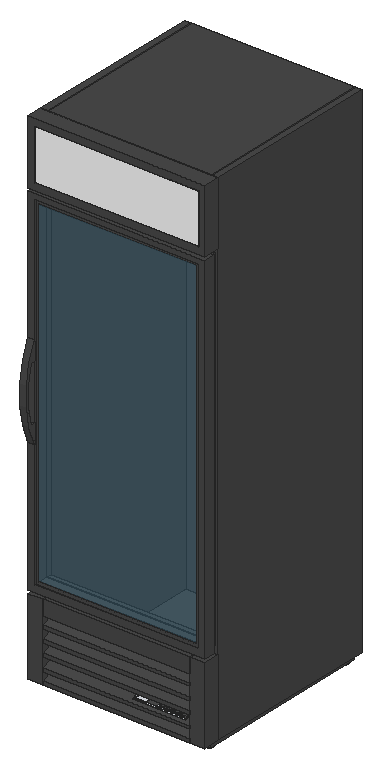
Revit family "QF_TRUE_GDM-23W-HC~TSL01", category Specialty Equipment, Revit 2016 (continued)
Definition of nested family "CASTER-LEGS"
  Definition of nested family "6 Inches Leg & Caster"
    Forms (in)
      Extrusion 3, solid, visible <- "Show Casters"
        from 0 to 0.5
      Extrusion 4, solid, visible <- "Show Casters"
        sketch origin (-0.25594, 2.21793, -0.1875) x (0, 1, 0) y (0, 0, -1)
          loop
            line (-3.37793, -5.49334) -> (-1.06726, -5.49334) -> (-0.1951, -2.69848)
            arc (-0.1951, -2.69848) -> (-0.63555, -1.74359) -> (-1.63015, -2.08504) r 0.78437
            line (-1.63015, -2.08504) -> (-3.37793, -5.24334) -> (-3.37793, -5.49334)
        from 0.78968 to 0.90247
      Extrusion 5, solid, visible <- "Show Casters"
        sketch origin (0, 0, 0.75) x (0, 1, 0) y (0, 0, 1)
          loop
            line (-1.16, 4.55584) -> (-1.16, 4.30584) -> (1.15067, 4.30584) -> (1.15067, 4.55584) -> (-1.16, 4.55584)
        from -1.04562 to 1.04562
      Revolve 6, solid, visible <- "Show Casters"
        sketch origin (-1.9375, 1.23015, -0.12802) x (1, 0, 0) y (0, 0, 1)
          loop
            line (0.5843, 2.5041) -> (0.5843, 2.3661) -> (0.6343, 2.3161) -> (0.6943, 2.3161) -> (0.6943, 2.1804) -> (1.1725, 2.1804) -> (1.1725, 1.78493) -> (1.31307, 1.70377) -> (1.42647, 1.00302) -> (1.28125, 1.00302) -> (1.28125, 0.75302) -> (1.3125, 0.75302) -> (1.3125, 0.50302)
            arc (1.3125, 0.50302) -> (1.42233, 0.23785) -> (1.6875, 0.12802) r 0.375
            line (1.6875, 0.12802) -> (2.1875, 0.12802)
            arc (2.1875, 0.12802) -> (2.45267, 0.23785) -> (2.5625, 0.50302) r 0.375
            line (2.5625, 0.50302) -> (2.5625, 0.75302) -> (2.59375, 0.75302) -> (2.59375, 1.00302) -> (2.44853, 1.00302) -> (2.5625, 1.70728) -> (2.7025, 1.78811) -> (2.7025, 2.1804) -> (3.1807, 2.1804) -> (3.1807, 2.3161) -> (3.2407, 2.3161) -> (3.2907, 2.3661) -> (3.2907, 2.5041) -> (0.5843, 2.5041)
          axis (0.5843, 2.5041) -> (3.2907, 2.5041)
        angle from 0 to 360
    Cuts and joins
      joined: Extrusion 2, Extrusion 4, Extrusion 5
    Lines and regions (in)
      symbolic lines, visible <- "Show Casters"
        curve 1: line (0.46086, 2.04455, 0) -> (1.54339, 1.41955, 0)
        curve 2: line (-1.53914, -1.41955, 0) -> (0.46086, 2.04455, 0)
        curve 3: line (-0.45661, -2.04455, 0) -> (-1.53914, -1.41955, 0)
        curve 4: line (1.54339, 1.41955, 0) -> (-0.45661, -2.04455, 0)
    Dimensions and locks (in)
      plane 6 "TOP" to level = 6 1/4"  (x2)
      aligned and locked: level to plane 2
  Definition of nested family "C2.5"
    Parameters
      Weight = ""
      URL Manufacturer = ""
      URL Cutsheet = ""
      URL = ""
      Type Mark [instance] = ""
      Status [instance] = ""
      Specification by User [instance] = ""
      Specification by Manufacturer = ""
      Serial Number = ""
      Seismic Rating = ""
      SMACNA No = ""
      Revision Code [instance] = ""
      Omniclass Number and Title = ""
      NAFEM Spec ID Number = ""
      Model = ""
      MasterSpec. = ""
      Manufacturer = ""
      Item Number [instance] = ""
      Installed By [instance] = ""
      Identify Quantity as Lot [instance] = yes
      Furnished By [instance] = ""
      Foodservice Equipment Identifier [instance] = yes
      Description = ""
      CSI MasterFormat = ""
      CSI Master Format = ""
      Assembly Code = ""
      2.5 Inches Caster [instance] = yes
    Reference planes (in)
      plane 1: z = 0
      plane 2 "RIGHT": x = 0
      plane 3 "FRONT": y = 0
      plane 4 "TOP": z = 2.5
    Forms (in)
      Revolve 1, solid, visible <- "2.5 Inches Caster"
        sketch origin (-1.93794, 0.83816, -1.0041) x (1, 0, 0) y (0, 0, 1)
          loop
            line (0.74055, 1.92597) -> (0.74055, 1.85047) -> (0.79055, 1.80047) -> (0.85055, 1.80047) -> (0.85055, 1.6804) -> (1.235, 1.6804) -> (1.235, 1.61305) -> (1.38673, 1.52545) -> (1.4003, 1.4416) -> (1.34375, 1.4416) -> (1.34375, 1.3166) -> (1.375, 1.3166) -> (1.375, 1.0041) -> (2.48438, 1.0041) -> (2.48438, 1.3166) -> (2.51563, 1.3166) -> (2.51563, 1.4416) -> (2.45908, 1.4416) -> (2.47322, 1.52897) -> (2.62438, 1.61624) -> (2.62438, 1.6804) -> (3.04007, 1.6804) -> (3.04007, 1.80047) -> (3.10007, 1.80047) -> (3.15007, 1.85047) -> (3.15007, 1.92597) -> (0.74055, 1.92597)
          axis (0.74055, 1.92597) -> (3.15007, 1.92597)
        angle from 0 to 360
      Extrusion 2, solid, visible <- "2.5 Inches Caster"
        sketch origin (-1.93794, 1.80294, -3.2541) x (0, 1, 0) y (0, 0, 1)
          loop
            line (-0.64294, 5.43229) -> (-0.64294, 5.55298) -> (-2.21294, 5.55298) -> (-2.21294, 5.30272) -> (-1.81966, 5.30272)
            arc (-1.81966, 5.30272) -> (-1.13638, 5.20789) -> (-0.46376, 5.05475) r 8.02767
            arc (-0.46376, 5.05475) -> (-0.19511, 4.95469) -> (0.05138, 4.80832) r 1.60049
            line (0.05138, 4.80832) -> (0.12713, 4.91318)
            arc (0.12713, 4.91318) -> (-0.07255, 5.06376) -> (-0.29048, 5.18644) r 1.8753
            line (-0.29048, 5.18644) -> (-0.22239, 5.30423)
            arc (-0.22239, 5.30423) -> (-0.42776, 5.38437) -> (-0.64294, 5.43229) r 1.44292
        from 1.17357 to 2.70231
      Revolve 3, solid, visible <- "2.5 Inches Caster"
        sketch origin (0, 2.10856, -3.75) x (0, 1, 0) y (0, 0, 1)
          loop
            line (-1.73858, 6.25) -> (-1.73858, 6.04889) -> (-1.05793, 6.04889) -> (-1.05793, 6.25) -> (-1.73858, 6.25)
          axis (-1.73858, 6.04889) -> (-1.73858, 6.25)
        angle from 0 to 360
      Extrusion 4, solid, visible <- "2.5 Inches Caster"
        sketch origin (-1.98481, 1.80294, -1.7541) x (0, 1, 0) y (0, 0, 1)
          loop
            line (-2.21294, 4.05298) -> (-2.21294, 3.80272) -> (-2.13999, 3.80272)
            arc (-2.13999, 3.80272) -> (-1.62379, 3.51899) -> (-1.39241, 2.97729) r 0.90292
            arc (-1.39241, 2.97729) -> (-1.36136, 2.78161) -> (-1.29729, 2.59413) r 1.15385
            arc (-1.29729, 2.59413) -> (-0.94802, 2.37355) -> (-0.6121, 2.61396) r 0.37001
            arc (-0.6121, 2.61396) -> (-0.59625, 2.66241) -> (-0.58446, 2.712) r 0.61695
            arc (-0.58446, 2.712) -> (-0.36134, 3.11665) -> (0.05609, 3.31484) r 0.75313
            line (0.05609, 3.31484) -> (0.12713, 3.41318)
            arc (0.12713, 3.41318) -> (-0.07255, 3.56376) -> (-0.29048, 3.68644) r 1.8753
            line (-0.29048, 3.68644) -> (-0.22239, 3.80423)
            arc (-0.22239, 3.80423) -> (-0.42776, 3.88437) -> (-0.64294, 3.93229) r 1.44292
            line (-0.64294, 3.93229) -> (-0.64294, 4.05298) -> (-2.21294, 4.05298)
        from 2.74918 to 2.90825
      Extrusion 5, solid, visible <- "2.5 Inches Caster"
        sketch origin (1.98481, 1.80294, -1.7541) x (0, 1, 0) y (0, 0, -1)
          loop
            line (-2.21294, -4.05298) -> (-0.64294, -4.05298) -> (-0.64294, -3.93229)
            arc (-0.64294, -3.93229) -> (-0.42776, -3.88437) -> (-0.22239, -3.80423) r 1.44292
            line (-0.22239, -3.80423) -> (-0.29048, -3.68644)
            arc (-0.29048, -3.68644) -> (-0.07255, -3.56376) -> (0.12713, -3.41318) r 1.8753
            line (0.12713, -3.41318) -> (0.05609, -3.31484)
            arc (0.05609, -3.31484) -> (-0.36134, -3.11665) -> (-0.58446, -2.712) r 0.75313
            arc (-0.58446, -2.712) -> (-0.59625, -2.66241) -> (-0.6121, -2.61396) r 0.61695
            arc (-0.6121, -2.61396) -> (-0.94802, -2.37355) -> (-1.29729, -2.59413) r 0.37001
            arc (-1.29729, -2.59413) -> (-1.36136, -2.78161) -> (-1.39241, -2.97729) r 1.15385
            arc (-1.39241, -2.97729) -> (-1.62379, -3.51899) -> (-2.13999, -3.80272) r 0.90292
            line (-2.13999, -3.80272) -> (-2.21294, -3.80272) -> (-2.21294, -4.05298)
        from 2.74918 to 2.90825
    Lines and regions (in)
      symbolic lines, visible <- "2.5 Inches Caster"
        curve 1: line (0.10651, 1.96132, 0) -> (0.80944, 1.55548, 0)
        curve 2: line (-0.89349, 0.22927, 0) -> (0.10651, 1.96132, 0)
        curve 3: line (-0.19056, -0.17657, 0) -> (-0.89349, 0.22927, 0)
        curve 4: line (0.80944, 1.55548, 0) -> (-0.19056, -0.17657, 0)
    Dimensions and locks (in)
      plane 4 "TOP" to level = 2 1/2"  (x2)
      aligned and locked: level to plane 1
